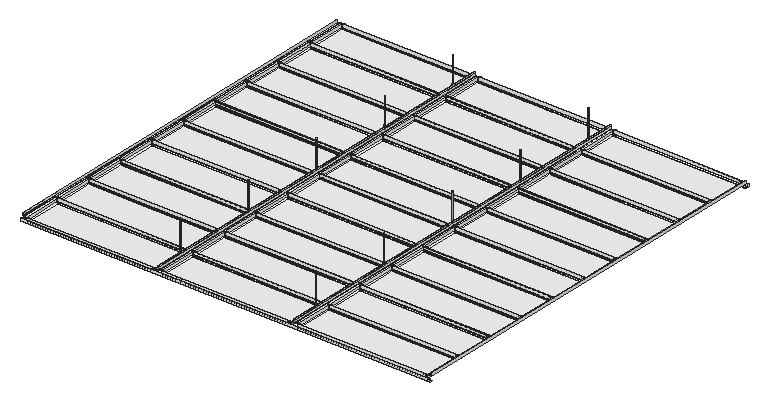
Revit family "FalsoTecho_THU_Bandeja-Siena", category Modelos genéricos, Revit 2016 (continued)
Definition of nested family "Perfil_THU_DP(100)"
  Definition of nested family "Tirantes_THU"
    Dimensions and locks
      aligned and locked: level to plane 2
      aligned and locked: plane 5 "Tirantes_Límite superior" to Extrusion 1
      aligned and locked: Extrusion 1 to plane 4 "Perfil_Cara superior"
      aligned and locked: Extrusion 1 to Extrusion 2
      aligned and locked: Extrusion 2 to level
      aligned and locked: Extrusion 3 sketch curve to Extrusion 3 sketch curve  (x4)
      aligned and locked: plane 4 "Perfil_Cara superior" to Extrusion 4 sketch curve
      aligned and locked: plane 7 "Pieza de cuelgue_Lateral derecho" to Extrusion 4 sketch curve
      aligned and locked: Extrusion 4 sketch curve to plane 6 "Pieza de cuelgue_Lateral izquierdo"
      aligned and locked: plane 6 "Pieza de cuelgue_Lateral izquierdo" to Extrusion 2 sketch curve
      aligned and locked: Extrusion 3 sketch curve to plane 7 "Pieza de cuelgue_Lateral derecho"
      aligned and locked: Extrusion 3 sketch curve to plane 6 "Pieza de cuelgue_Lateral izquierdo"
      aligned and locked: Extrusion 2 sketch curve to Extrusion 2 sketch curve
    Automatic sketch dimensions
      plane 1 "Centro (Frontal/Posterior)" to Extrusion 1 sketch curve = 0 mm
      Extrusion 1 sketch curve to plane 3 "Centro (Izquierda/Derecha)" = 0 mm
      Extrusion 2 sketch curve to level = 0 mm  (x2)
      Extrusion 2 sketch curve to plane 4 "Perfil_Cara superior" = 0 mm
      level to Extrusion 2 sketch curve = 2 mm
      Extrusion 3 sketch curve to plane 4 "Perfil_Cara superior" = 0 mm
      Extrusion 3 sketch curve to level = 0 mm
      Extrusion 3 sketch curve to plane 3 "Centro (Izquierda/Derecha)" = 0 mm  (x2)
      plane 3 "Centro (Izquierda/Derecha)" to Extrusion 3 sketch curve = 1 mm
      Extrusion 2 sketch curve to plane 7 "Pieza de cuelgue_Lateral derecho" = 0 mm
      Extrusion 4 sketch curve to level = 0 mm
      radius of Extrusion 1 sketch curve = 1.5 mm
Definition of nested family "Perfiles perimetrales_THU"
  Parameters (values of type "U20")
    U = yes
    THU_Recuento (ml) [instance] = Perfil_Longitud  # 1000 mm
    THU_Mediciones = 1 < 2  # yes
    THU_Material [instance] = "Acero galvanizado"
    THU_Color [instance] = none
    RC = no
    Perfil_Longitud [instance] = 1000 mm
    Perfil_Grosor = 1 mm
    Perfil_Anchura [instance] = 15 mm
    Perfil_Altura = 20 mm
    Nombre del objeto = "Perfil U20"
    (A)_(F) = no
    Default Elevation = 0 mm
    (D)_Perfil cornisa = no
  Types (7, lengths in mm): name | U | THU_Material | RC | Perfil_Anchura | Perfil_Altura | Nombre del objeto | (A)_(F) | (D)_Perfil cornisa
    (A)_L24x24 | no | "Acero galvanizado" | no | 24 | 24 | "(A)_L24x24" | yes | no
    (D)_Perfil cornisa | no | "Acero galvanizado" | no | 18 | 37 | "(D)_Perfil cornisa" | no | yes
    (F)_Angular PVC | no | "PVC" | no | 28 | 22 | "(F)_Angular PVC" | yes | no
    (A)_L15x33 | no | "Acero galvanizado" | no | 15 | 33 | "(A)_L24x24" | yes | no
    U40 | yes | "Acero galvanizado" | no | 15 | 42 | "Perfil U40" | no | no
    RC | no | "Acero galvanizado" | yes | 28 | 20 | "Perfil RC" | no | no
    U20 | yes | "Acero galvanizado" | no | 15 | 20 | "Perfil U20" | no | no
  Reference planes
    plane 1 "Centro (Frontal/Posterior)": y = 0
    plane 2: z = 0
    plane 3 "Centro (Izquierda/Derecha)": x = 0
    plane 4 "Perfil_Cara superior": z = 20
    plane 5: x = 15
    plane 6: y = -1000
  Forms (mm)
    Extrusion 1, solid, material <- "THU_Color", visible <- "(A)_(F)", detail levels medium+fine
      sketch origin (0, 0, 0) x (1, 0, 0) y (0, 0, 1)
        loop
          line (0, 20) -> (0, 0) -> (15, 0) -> (15, 1) -> (1, 1) -> (1, 20) -> (0, 20)
      from 0 to 1000
    Extrusion 2, solid, material <- "THU_Color", visible <- "(D)_Perfil cornisa", detail levels medium+fine
      sketch origin (0, 0, 0) x (1, 0, 0) y (0, 0, 1)
        loop
          line (1, 20) -> (0, 20) -> (0, 1) -> (-13, 1) -> (-13, 22) -> (-14, 22) -> (-14, 0) -> (15, 0) -> (15, 1) -> (1, 1) -> (1, 20)
      from 0 to 1000
    Extrusion 3, solid, material <- "THU_Color", visible <- "U", detail levels medium+fine
      sketch origin (0, 0, 0) x (1, 0, 0) y (0, 0, 1)
        loop
          line (0, 0) -> (15, 0) -> (15, 1) -> (1, 1) -> (1, 19) -> (15, 19) -> (15, 20) -> (0, 20) -> (0, 0)
      from 0 to 1000
    Extrusion 4, solid, material <- "THU_Color", visible <- "RC"
      sketch origin (0, 0, 0) x (1, 0, 0) y (0, 0, 1)
        loop
          line (15, 0) -> (15, 1) -> (1.398, 1) -> (1.398, 1.948) -> (7.436, 4.764)
          arc (7.436, 4.764) -> (8.592, 7.941) -> (5.415, 9.097) r 2.391
          line (5.415, 9.097) -> (1, 7.038) -> (1, 19) -> (6.5, 19) -> (6.5, 17.2) -> (7.5, 17.2) -> (7.5, 20) -> (0, 20) -> (0, 5.469) -> (5.838, 8.191)
          arc (5.838, 8.191) -> (7.686, 7.518) -> (7.013, 5.67) r 1.391
          line (7.013, 5.67) -> (0, 2.4) -> (0, 0) -> (15, 0)
      from 0 to 1000
  Dimensions and locks
    "Perfil_Altura": plane 4 "Perfil_Cara superior" to level
    "Perfil_Anchura": plane 5 to plane 3 "Centro (Izquierda/Derecha)"
    locked: Extrusion 2 sketch curve to Extrusion 2 sketch curve at 1  (x3)
    locked: Extrusion 2 sketch curve to Extrusion 1 at 13
    locked: Extrusion 2 sketch curve to level at 22
    "Perfil_Longitud": plane 6 to plane 1 "Centro (Frontal/Posterior)"
    locked: Extrusion 3 sketch curve to Extrusion 3 sketch curve at 1  (x3)
    locked: Extrusion 4 sketch curve to Extrusion 4 sketch curve at 1  (x6)
    locked: Extrusion 4 sketch curve to Extrusion 4 sketch curve at 1.398
    aligned and locked: level to plane 2
    aligned and locked: plane 5 to Extrusion 1 sketch curve
    aligned and locked: Extrusion 1 sketch curve to plane 4 "Perfil_Cara superior"
    aligned and locked: plane 4 "Perfil_Cara superior" to Extrusion 2 sketch curve
    aligned and locked: plane 5 to Extrusion 2 sketch curve
    aligned and locked: plane 3 "Centro (Izquierda/Derecha)" to Extrusion 2 sketch curve
    aligned and locked: Extrusion 1 sketch curve to plane 3 "Centro (Izquierda/Derecha)"
    aligned and locked: plane 6 to Extrusion 2
    aligned and locked: plane 6 to Extrusion 1
    aligned and locked: Extrusion 3 sketch curve to plane 5
    aligned and locked: plane 5 to Extrusion 3 sketch curve
    aligned and locked: Extrusion 3 sketch curve to plane 4 "Perfil_Cara superior"
    aligned and locked: Extrusion 3 sketch curve to plane 2
    aligned and locked: plane 3 "Centro (Izquierda/Derecha)" to Extrusion 3 sketch curve
    aligned and locked: Extrusion 3 to plane 1 "Centro (Frontal/Posterior)"
    aligned and locked: Extrusion 3 to plane 6
    aligned and locked: Extrusion 4 sketch curve to plane 4 "Perfil_Cara superior"
    aligned and locked: plane 3 "Centro (Izquierda/Derecha)" to Extrusion 4 sketch curve  (x2)
    aligned and locked: level to Extrusion 4 sketch curve
    aligned and locked: plane 5 to Extrusion 4 sketch curve
    aligned and locked: Extrusion 4 to plane 6
  Automatic sketch dimensions
    Extrusion 1 sketch curve to level = 0 mm
    plane 3 "Centro (Izquierda/Derecha)" to Extrusion 1 sketch curve = 1 mm
    level to Extrusion 1 sketch curve = 1 mm
    Extrusion 2 sketch curve to level = 0 mm
    Extrusion 2 sketch curve to Extrusion 2 sketch curve = 0 mm
    Extrusion 4 sketch curve to Extrusion 4 sketch curve = 0 mm
    Extrusion 4 sketch curve to Extrusion 4 sketch curve = 4.415 mm
    Extrusion 4 sketch curve to Extrusion 4 sketch curve = 0.423 mm  (x2)
    Extrusion 4 sketch curve to Extrusion 4 sketch curve = 0.588 mm  (x2)
    Extrusion 4 sketch curve to Extrusion 4 sketch curve = 5.5 mm
    Extrusion 4 sketch curve to Extrusion 4 sketch curve = 0.948 mm
    Extrusion 4 sketch curve to Extrusion 4 sketch curve = 0.452 mm
    Extrusion 4 sketch curve to Extrusion 4 sketch curve = 3.069 mm
    Extrusion 4 sketch curve to Extrusion 4 sketch curve = 1.26 mm
    Extrusion 4 sketch curve to Extrusion 4 sketch curve = 1.8 mm
Types (3, lengths in mm): name | THU_Bandeja_Material | Perfil perimetral_15x33 | Perfil DP100
  (no name) | "Acero" | Perfiles perimetrales_THU : (A)_L15x33 | Perfil_THU_DP(100) : Perfil DP100-Primario
  Acero_300x1200 | "Acero" | Perfiles perimetrales_THU : (A)_L15x33 | Perfil_THU_DP(100) : Perfil DP100-Primario
  Aluminio_300x1200 | "Aluminio" | Bandeja_THU_Siena-300x1200 : 300x1200 | Bandeja_THU_Siena-300x1200 : 300x1200
